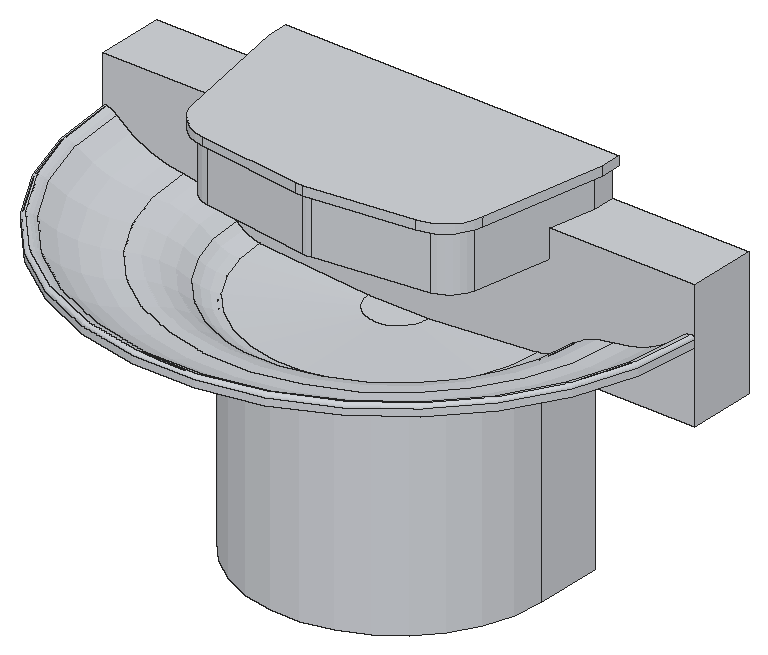
Revit family "Washfountain_Willoughby-WWF-4204-FLR-JR", category Plumbing Fixtures, Revit 2015
Parameters
  URL = "https://www.willoughby-ind.com/wp-content/uploads/2018/01/WWF-4204.pdf"
  Revision = "A"
  Model = "WWF-4204-WALL"
  Manufacturer = "Willoughby Industries"
  Description = "4 Station Half Round 42\" Stainless Steel, Deep Bowl Washfountain"
  Contact Info = "(800) 428-4065"
Reference planes (in)
  plane 1 "Center (Front/Back)": y = 0
  plane 2: z = 0
  plane 3 "Center (Left/Right)": x = 0
Forms (in)
  Extrusion 1, solid
    sketch origin (0, 0, 24) x (1, 0, 0) y (0, 0, 1)
      loop
        line (-21, 22) -> (-21, 13) -> (21, 13) -> (21, 22) -> (-21, 22)
    from 0 to 4.75
  Revolve 2, solid
    sketch origin (0, 0, 24) x (0, 1, 0) y (0, 0, 1)
      loop
        line (-25.75, 18) -> (-25.645, 18) -> (-25.645, 18.5)
        arc (-25.645, 18.5) -> (-25.58946, 18.6144) -> (-25.4652, 18.64105) r 0.145
        arc (-25.4652, 18.64105) -> (-25.14236, 18.51684) -> (-24.86, 18.317) r 1.395
        arc (-24.86, 18.317) -> (-22.61273, 16.86456) -> (-20.015, 16.223) r 8.105
        arc (-20.015, 16.223) -> (-18.03072, 15.71473) -> (-16.34015, 14.55814) r 5.895
        arc (-16.34015, 14.55814) -> (-15.55, 13.99657) -> (-14.62519, 13.70603) r 3.105
        arc (-14.62519, 13.70603) -> (-10.76816, 13.27715) -> (-6.89, 13.134) r 52.566
        line (-6.89, 13.134) -> (-4.75, 13.134) -> (-4.75, 13.23892) -> (-6.89891, 13.23892)
        arc (-6.89891, 13.23892) -> (-10.76924, 13.38189) -> (-14.61847, 13.80999) r 52.461
        arc (-14.61847, 13.80999) -> (-15.51174, 14.0906) -> (-16.275, 14.63292) r 3
        arc (-16.275, 14.63292) -> (-17.99549, 15.81032) -> (-20.015, 16.32792) r 6
        arc (-20.015, 16.32792) -> (-22.58032, 16.9611) -> (-24.79922, 18.3952) r 8
        arc (-24.79922, 18.3952) -> (-25.10242, 18.60963) -> (-25.449, 18.743) r 1.5
        arc (-25.449, 18.743) -> (-25.65705, 18.69278) -> (-25.75, 18.5) r 0.25
        line (-25.75, 18.5) -> (-25.75, 18)
      axis (-4.75, 13.134) -> (-4.75, 18.743)
    angle from -90 to 90
  Revolve 3, solid
    sketch origin (0, 0, 0) x (0, 1, 0) y (0, 0, 1)
      loop
        line (-4.75, 37.134) -> (-6.891, 37.134)
        arc (-6.891, 37.134) -> (-10.76906, 37.27719) -> (-14.626, 37.706) r 52.58515
        arc (-14.626, 37.706) -> (-14.75098, 37.7272) -> (-14.875, 37.75349) r 3.10529
        line (-14.875, 37.75349) -> (-14.875, 22) -> (-4.75, 22) -> (-4.75, 37.134)
      axis (-4.75, 37.75349) -> (-4.75, 22)
    angle from -90 to 90
  Extrusion 4, solid
    sketch origin (0, 0, 0) x (1, 0, 0) y (0, 0, 1)
      loop
        line (10.125, 22) -> (10.125, 37) -> (-10.125, 37) -> (-10.125, 22) -> (10.125, 22)
    from 0 to 4.75
  Extrusion 5, solid
    sketch origin (0, 0, 0) x (1, 0, 0) y (0, 1, 0)
      loop
        line (11.285, 0) -> (-11.285, 0) -> (-11.285, -1.44) -> (-9.675, -10.13)
        arc (-9.675, -10.13) -> (-9.06611, -11.25072) -> (-7.915, -11.8) r 2.06505
        line (-7.915, -11.8) -> (-0.34767, -12.79909)
        arc (-0.34767, -12.79909) -> (-0.04174, -12.82742) -> (0.265, -12.81) r 2.0628
        line (0.265, -12.81) -> (7.915, -11.8)
        arc (7.915, -11.8) -> (9.06611, -11.25072) -> (9.675, -10.13) r 2.06505
        line (9.675, -10.13) -> (11.285, -1.44) -> (11.285, 0)
    from 44.01953 to 48.26953
  Extrusion 6, solid
    sketch origin (0, 0, 0) x (1, 0, 0) y (0, 1, 0)
      loop
        line (11.8, 0) -> (-11.8, 0) -> (-11.8, -1.44) -> (-10.27, -10.14)
        arc (-10.27, -10.14) -> (-9.34271, -11.86582) -> (-7.57, -12.7) r 3.12385
        line (-7.57, -12.7) -> (-0.25, -13.6) -> (0.25, -13.6) -> (7.57, -12.7)
        arc (7.57, -12.7) -> (9.34271, -11.86582) -> (10.27, -10.14) r 3.12385
        line (10.27, -10.14) -> (11.8, -1.44) -> (11.8, 0)
    from 48.26953 to 48.89453
  Extrusion 7, solid
    sketch origin (0, 0, 0) x (1, 0, 0) y (0, 0, 1)
      loop
        circle (0, 32.75) r 0.75
      loop
        circle (5, 28.75) r 0.25
      loop
        circle (2, 28.75) r 0.25
    from -0.125 to 1
Dimensions and locks (in)
  aligned and locked: level to plane 2
  aligned and locked: Revolve 3 sketch curve to Revolve 3 sketch curve  (x2)
  aligned and locked: Extrusion 4 sketch curve to Revolve 3  (x2)
  aligned and locked: Revolve 3 to Extrusion 4 sketch curve
  aligned and locked: Extrusion 1 to Extrusion 4 sketch curve
  aligned and locked: Extrusion 1 to Extrusion 5 sketch curve
Connectors (in)
  piping at (2, 0.125, 28.75), diameter 0.5
    settings: on Extrusion 7, index 1, connector inside diameter 24", connector length 0' - 0", flow factor 0, pipe flow 0 GPM, pressure drop 0.00 psi, fitting loss kfactor 0, connector angle 0.00°, fixture units 0, engagement length 0' - 0", angle of deflection 0.00°, flow configuration 0, flow direction 0, fitting loss method 0, system type 20, joint type 0, gender type 0, connector reference index -1, connector utility 0, adjustable connector no, is connector primary yes, connector description ""
  piping at (5, 0.125, 28.75), diameter 0.5
    settings: on Extrusion 7, index 2, connector inside diameter 24", connector length 0' - 0", flow factor 0, pipe flow 0 GPM, pressure drop 0.00 psi, fitting loss kfactor 0, connector angle 0.00°, fixture units 0, engagement length 0' - 0", angle of deflection 0.00°, flow configuration 0, flow direction 0, fitting loss method 0, system type 19, joint type 0, gender type 0, connector reference index -1, connector utility 0, adjustable connector no, is connector primary no, connector description ""
  piping at (0, 0.125, 32.75), diameter 1.5
    settings: on Extrusion 7, index 3, connector inside diameter 24", connector length 0' - 0", flow factor 0, pipe flow 0 GPM, pressure drop 0.00 psi, fitting loss kfactor 0, connector angle 0.00°, fixture units 0, engagement length 0' - 0", angle of deflection 0.00°, flow configuration 0, flow direction 0, fitting loss method 0, system type 7, joint type 0, gender type 0, connector reference index -1, connector utility 0, adjustable connector no, is connector primary no, connector description ""
